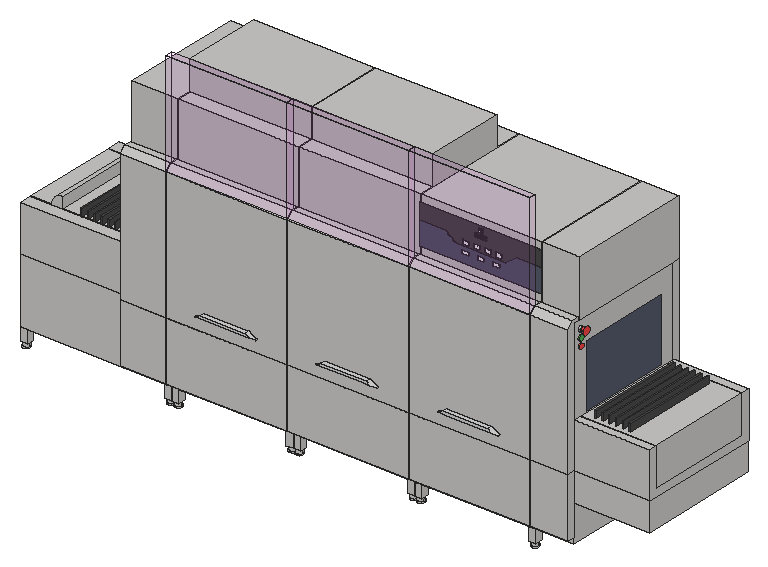
Revit family "QF_ELECTROLUXPROFESSIONAL_520038_EFTD052EL1U1D1M5ER385", category Attrezzature speciali, Revit 2020
Family settings
  Quota connettore circolare = Usa diametro
  Tipo di parte = Normale
  Basato su piano di lavoro = No
  Sempre verticale = Sì
  Taglio con vuoti quando caricato = No
  Condiviso = No
  Punto di calcolo locali = No
Parameters (values of type "Standard")
  Weight = 925.00 kg
  Watts = 42700 W
  Volts = 380 V
  URL Manufacturer = "https://www.electroluxprofessional.com/"
  URL = "https://www.electroluxprofessional.com/"
  Steam Supply Size = 0 mm
  Steam Supply Minimum Pressure = 0.0 Pa
  Steam Supply Maximum Pressure = 0.0 Pa
  Steam Consumption per Hour = 0
  Show Logo [instance] = yes
  Show Clearance [instance] = yes
  Refrigeration Suction Line Size = 0 mm
  Refrigeration Liquid Line Size = 0 mm
  Refrigerant Compressor Remote = yes
  Prospetto di default = 0 mm
  Produttore = "Electrolux Professional"
  Phase = 3
  Modello = "EFTD052EL1U1D1M5ER385"
  Length Actual = 4150 mm  # constant formula
  Item Number = "520038"
  Hot Water Size = 0 mm
  Height Actual = 1983 mm  # constant formula
  HP = "57.3 HP"
  Gas Size = 0 mm
  Gas KW = 0
  Gas Input Pressure = 0 W
  Direct Waste Size = 50.8 mm
  Descrizione = "FT, 1TANK, 5200D/H, EL., 750MM LOADING, 1000MM UNLOADING, 1DRYER, 55MM CONVEYOR,ESD,R>L,380V50HZ3P"
  Depth Actual = 946 mm  # constant formula
  Cycle = 50 Hz
  Condensate Return Size = 0 mm
  Compressed Air Volume = 0.0 L/s
  Compressed Air Size = 0 mm
  Compressed Air Pressure = 0.0 Pa
  Cold Water Size = 0 mm
  Accessory = yes
Reference planes
  plane 1 "Centro (Fronte/Retro)": y = 0
  plane 2: z = 0
  plane 3 "Centro (Sinistra/Destra)": x = 0
  plane 4: z = 115
Forms (mm)
  Extrusion 1, solid, material "QF_Finishes_Stainless Steel"
    sketch origin (2282.404, 2, 1806.023) x (1, 0, 0) y (0, 0, 1)
      loop
        line (407.596, -163.023) -> (407.596, -183.023) -> (427.596, -183.023) -> (427.596, -163.023) -> (407.596, -163.023)
    from 0 to 2
  Extrusion 2, solid, material "QF_Finishes_Stainless Steel"
    sketch origin (-5.617, 22.464, 1290.159) x (0, 0, -1) y (0, 1, 0)
      loop
        circle (1102.159, -772.464) r 25
    from -9.383 to 5.617
  Extrusion 3, solid, material "QF_Finishes_Stainless Steel"
    sketch origin (2942.404, 2, 337.984) x (1, 0, 0) y (0, 0, 1)
      loop
        line (407.596, -163.023) -> (407.596, -183.023) -> (427.596, -183.023) -> (427.596, -163.023) -> (407.596, -163.023)
    from 0 to 2
  Extrusion 4, solid, material "QF_Finishes_Stainless Steel"
    sketch origin (347.841, 200.464, 109.383) x (1, 0, 0) y (0, 1, 0)
      loop
        circle (1102.159, -772.464) r 10
    from -9.383 to 5.617
Dimensions and locks
  plane 4 to level = 115 mm
  aligned and locked: level to plane 2
Nested families
  nested 1: "MODULO_CENTER_800_FAN" at (1383.563, -388.258, 0), Show Clearance <- "Show Clearance", type "MODULO_CENTER_800_FAN"
    with Show Logo yes, Show Clearance yes, R_L no, L_R yes
  nested 2: "MODULO_CENTER_800_FAN" at (2183.563, -388.258, 0), Show Clearance <- "Show Clearance", type "MODULO_CENTER_800_FAN"
    with Show Logo yes, Show Clearance yes, R_L no, L_R yes
  nested 3: "MODULO_CENTER_800" at (2983.563, -388.258, 0), Show Clearance <- "Show Clearance", type "MODULO_CENTER_800"
    with Show Logo yes, Show Clearance yes, R_L no, L_R yes
  nested 4: "MODULO_ENTRY_DISH_750" at (3791.437, -523.742, 0) x (-1, 0, 0) z (0, 0, 1), type "MODULO_ENTRY_DISH_750"
    with Show Logo yes, Show Clearance yes, R_L yes, L_R no
  nested 5: "MODULO_USCITA_DISH_1000" at (641.437, -523.742, 0) x (-1, 0, 0) z (0, 0, 1), type "MODULO_USCITA_DISH_1000"
    with Show Logo yes, Show Clearance yes, R_L no, L_R yes
  nested 6: "Piedino_Square_115H" at (23.5, -838.5, 0), type "Piedino_Square_115H"
  nested 7: "Piedino_Square_115H" at (23.5, -73.5, 0), type "Piedino_Square_115H"
  nested 8: "Piedino_Square_115H" at (976.5, -838.5, 0), type "Piedino_Square_115H"
  nested 9: "Piedino_Square_115H" at (976.5, -73.5, 0), type "Piedino_Square_115H"
  nested 10: "Piedino_Square_115H" at (1023.5, -838.5, 0), type "Piedino_Square_115H"
  nested 11: "Piedino_Square_115H" at (1023.5, -73.5, 0), type "Piedino_Square_115H"
  nested 12: "Piedino_Square_115H" at (1776.5, -838.5, 0), type "Piedino_Square_115H"
  nested 13: "Piedino_Square_115H" at (1776.5, -73.5, 0), type "Piedino_Square_115H"
  nested 14: "Piedino_Square_115H" at (1823.5, -838.5, 0) x (-1, 0, 0) z (0, 0, 1), type "Piedino_Square_115H"
  nested 15: "Piedino_Square_115H" at (1823.5, -73.5, 0) x (-1, 0, 0) z (0, 0, 1), type "Piedino_Square_115H"
  nested 16: "Piedino_Square_115H" at (2576.5, -838.5, 0) x (-1, 0, 0) z (0, 0, 1), type "Piedino_Square_115H"
  nested 17: "Piedino_Square_115H" at (2576.5, -73.5, 0) x (-1, 0, 0) z (0, 0, 1), type "Piedino_Square_115H"
  nested 18: "Piedino_Square_115H" at (2623.5, -838.5, 0), type "Piedino_Square_115H"
  nested 19: "Piedino_Square_115H" at (2623.5, -73.5, 0), type "Piedino_Square_115H"
  nested 20: "Piedino_Square_115H" at (3376.5, -838.5, 0), type "Piedino_Square_115H"
  nested 21: "Piedino_Square_115H" at (3376.5, -73.5, 0), type "Piedino_Square_115H"
  nested 22: "MANIGLIA_FLIGHT_400" at (3000, -912, 639.28) x (1, 0, 0) z (0, -1, 0), type "MANIGLIA_FLIGHT_400"
  nested 23: "MANIGLIA_FLIGHT_400" at (2200, -912, 639.28) x (1, 0, 0) z (0, -1, 0), type "MANIGLIA_FLIGHT_400"
  nested 24: "MANIGLIA_FLIGHT_400" at (1400, -912, 639.28) x (1, 0, 0) z (0, -1, 0), type "MANIGLIA_FLIGHT_400"
  nested 25: "Schermo_Flight_800" at (3000, -815, 1593) x (1, 0, 0) z (0, -1, 0), type "Schermo_Flight_800"
  nested 26: "ELX_LOGO_WORDS_WHITE" at (3000, -816.6, 1683) x (1, 0, 0) z (0, -1, 0), Show Logo <- "Show Logo", visible <- "Show Logo", type "ELX_LOGO_WORDS_WHITE"
    with Show Logo yes
  nested 27: "ELX_LOGO_MONO_SMALL_WHITE" at (2990.08, -816.6, 1669) x (-1, 0, 0) z (0, -1, 0), Show Logo <- "Show Logo", visible <- "Show Logo", type "ELX_LOGO_MONO_SMALL_WHITE"
    with Show Logo yes
Connectors
  electrical at (2700, 2, 1633)
    settings: on Extrusion 1, index 69, voltage 0 V, apparent load 0 VA, apparent load phase1 0 VA, apparent load phase2 0 VA, apparent load phase3 0 VA, power factor 1, load classification "Altro", number of poles 1, system type 30, power factor state 1, is connector primary yes, connector utility no, sub classification motor no, connector description "EI"
  piping at (-15, -750, 188), diameter 50
    settings: on Extrusion 2, index 70, connector inside diameter 609.6 mm, connector length 0 mm, flow factor 0, pipe flow 0.0 L/s, pressure drop 0.0 Pa, fitting loss kfactor 0, connector angle 0.00°, fixture units 0, engagement length 0 mm, angle of deflection 0.00°, flow configuration 0, flow direction 0, fitting loss method 0, system type 29, joint type 0, gender type 0, connector reference index -1, connector utility 0, adjustable connector no, is connector primary yes, connector description "D"
  electrical at (3360, 2, 164.961)
    settings: on Extrusion 3, index 71, voltage 0 V, apparent load 0 VA, apparent load phase1 0 VA, apparent load phase2 0 VA, apparent load phase3 0 VA, power factor 1, load classification "Altro", number of poles 1, system type 30, power factor state 1, is connector primary no, connector utility no, sub classification motor no, connector description "EQ"
  piping at (1450, -572, 100), diameter 19.1
    settings: on Extrusion 4, index 72, connector inside diameter 609.6 mm, connector length 0 mm, flow factor 0, pipe flow 0.0 L/s, pressure drop 0.0 Pa, fitting loss kfactor 0, connector angle 0.00°, fixture units 0, engagement length 0 mm, angle of deflection 0.00°, flow configuration 0, flow direction 0, fitting loss method 0, system type 29, joint type 0, gender type 0, connector reference index -1, connector utility 0, adjustable connector no, is connector primary no, connector description "HWI/CWI"
Definition of nested family "MODULO_CENTER_800_FAN"
  Parameters (values of type "MODULO_CENTER_800_FAN")
    URL = "http://professional.electrolux.com"
    Show Logo [instance] = yes
    R_L [instance] = not(L_R)  # no
    Default Elevation = 0 mm
    Manufacturer = "Electrolux"
    Model = "ESR10E5"
    Length Actual = 800 mm
    Show Clearance [instance] = yes
    L_R [instance] = yes
    Height Actual = 1792 mm
    Description = "SINGLE RINSE RT, 100R/H, ELECTRIC 50HZ"
    Depth Actual = 912 mm
  Reference planes
    plane 1 "Center X": y = -67.742
    plane 2: z = 0
    plane 3 "LEFT": x = -383.563
    plane 4 "RIGHT": x = 416.437
    plane 5 "BACK": y = 388.258
    plane 6 "FEET": z = 115
    plane 7: z = 2092
    plane 8 "TOP": z = 1792
    plane 9 "FRONT": y = -523.742
    plane 10 "Left/Right": x = 16.437
    plane 11 "TopVent": z = 1983
  Forms (mm)
    Extrusion 1, solid
      sketch origin (416.437, 479.936, 4000) x (0, 1, 0) y (0, 0, 1)
        loop
          line (-91.678, -2208) -> (-906.678, -2208) -> (-906.678, -2580) -> (-91.678, -2580) -> (-91.678, -2208)
      from -800 to 0
    Extrusion 2, solid
      sketch origin (-383.563, 437.565, 3910) x (0, 1, 0) y (0, 0, 1)
        loop
          line (-99.307, -2490) -> (-911.307, -2490) -> (-911.307, -3552) -> (-99.307, -3552) -> (-99.307, -2490)
      from 800 to 0
    Extrusion 3, solid
      sketch origin (416.437, 479.936, 4299) x (0, 1, 0) y (0, 0, 1)
        loop
          line (-278.21, -2316) -> (-803.678, -2316) -> (-803.678, -2507) -> (-278.21, -2507) -> (-278.21, -2316)
      from -800 to 0
    Extrusion 4, solid
      sketch origin (16.437, 0, 1.5) x (0, 0, 1) y (0, -1, 0)
        loop
          line (356.5, -338.258) -> (356.5, 473.742) -> (113.5, 473.742) -> (113.5, -338.258) -> (356.5, -338.258)
      from 400 to -400
    Extrusion 5, solid
      sketch origin (16.437, 0, 0) x (0, 0, 1) y (0, -1, 0)
        loop
          line (1420, -338.258) -> (545, -338.258) -> (545, -388.258) -> (1420, -388.258) -> (1420, -338.258)
      from -400 to 400
    Extrusion 6, solid
      sketch origin (16.437, 0, 0) x (0, 0, 1) y (0, -1, 0)
        loop
          line (545, -388.258) -> (545, -338.258) -> (154, -338.258) -> (154, -388.258) -> (545, -388.258)
      from -400 to 400
    Extrusion 7, solid
      sketch origin (16.437, -882.484, -150) x (0, -1, 0) y (0, 0, 1)
        loop
          line (-358.742, 304) -> (-358.742, 695) -> (-408.742, 695) -> (-408.742, 304) -> (-358.742, 304)
      from -400 to 400
    Extrusion 8, solid
      sketch origin (16.437, -882.484, -151) x (0, -1, 0) y (0, 0, 1)
        loop
          line (-408.742, 1571) -> (-408.742, 696) -> (-358.742, 696) -> (-358.742, 1556) -> (-395.742, 1593) -> (-443.742, 1593) -> (-443.742, 1571) -> (-408.742, 1571)
      from -400 to 400
    Extrusion 9, solid, visible <- "Show Clearance"
      sketch origin (16.437, -882.484, 452) x (0, -1, 0) y (0, 0, 1)
        loop
          line (-408.742, 1640) -> (-408.742, 953.624) -> (-358.742, 953.624) -> (-358.742, 1640) -> (-408.742, 1640)
      from -400 to 400
  Dimensions and locks
    plane 3 "LEFT" to plane 4 "RIGHT" = 800 mm
    plane 5 "BACK" to plane 1 "Center X" to plane 9 "FRONT" = 456 mm, 456 mm
    plane 6 "FEET" to level = 115 mm  (x2)
    plane 6 "FEET" to plane 8 "TOP" = 1677 mm
    plane 5 "BACK" to plane 9 "FRONT" = 912 mm  (x2)
    plane 4 "RIGHT" to plane 3 "LEFT" = 800 mm
    plane 9 "FRONT" to plane 5 "BACK" = 912 mm
    level to plane 8 "TOP" = 1792 mm  (x2)
    plane 7 to level = 2092 mm
    plane 11 "TopVent" to plane 2 = 1983 mm
    plane 7 to plane 2 = 2092 mm
    Extrusion 2 to level = 1420 mm
    Extrusion 8 to level = 1442 mm
    plane 11 "TopVent" to level = 1983 mm
    aligned and locked: level to plane 2
Definition of nested family "MODULO_CENTER_800"
  Parameters (values of type "MODULO_CENTER_800")
    URL = "http://professional.electrolux.com"
    Show Logo [instance] = yes
    R_L [instance] = not(L_R)  # no
    Default Elevation = 0 mm
    Manufacturer = "Electrolux"
    Model = "ESR10E5"
    Length Actual = 800 mm
    Show Clearance [instance] = yes
    L_R [instance] = yes
    Height Actual = 1792 mm
    Description = "SINGLE RINSE RT, 100R/H, ELECTRIC 50HZ"
    Depth Actual = 912 mm
  Reference planes
    plane 1 "Center X": y = -67.742
    plane 2: z = 0
    plane 3 "LEFT": x = -383.563
    plane 4 "RIGHT": x = 416.437
    plane 5 "BACK": y = 388.258
    plane 6 "FEET": z = 115
    plane 7: z = 2092
    plane 8 "TOP": z = 1792
    plane 9 "FRONT": y = -523.742
    plane 10 "Left/Right": x = 16.437
  Forms (mm)
    Extrusion 1, solid
      sketch origin (416.437, 479.936, 4000) x (0, 1, 0) y (0, 0, 1)
        loop
          line (-91.678, -2208) -> (-906.678, -2208) -> (-906.678, -2580) -> (-91.678, -2580) -> (-91.678, -2208)
      from -800 to 0
    Extrusion 2, solid
      sketch origin (-383.563, 437.565, 3915) x (0, 1, 0) y (0, 0, 1)
        loop
          line (-99.307, -2495) -> (-911.307, -2495) -> (-911.307, -3557) -> (-99.307, -3557) -> (-99.307, -2495)
      from 800 to 0
    Extrusion 3, solid
      sketch origin (16.437, 0, 1.5) x (0, 0, 1) y (0, -1, 0)
        loop
          line (356.5, -338.258) -> (356.5, 473.742) -> (113.5, 473.742) -> (113.5, -338.258) -> (356.5, -338.258)
      from 400 to -400
    Extrusion 4, solid
      sketch origin (16.437, 0, 0) x (0, 0, 1) y (0, -1, 0)
        loop
          line (1420, -338.258) -> (545, -338.258) -> (545, -388.258) -> (1420, -388.258) -> (1420, -338.258)
      from -400 to 400
    Extrusion 5, solid
      sketch origin (16.437, 0, 0) x (0, 0, 1) y (0, -1, 0)
        loop
          line (545, -388.258) -> (545, -338.258) -> (154, -338.258) -> (154, -388.258) -> (545, -388.258)
      from -400 to 400
    Extrusion 6, solid
      sketch origin (16.437, -882.484, -150) x (0, -1, 0) y (0, 0, 1)
        loop
          line (-358.742, 304) -> (-358.742, 695) -> (-408.742, 695) -> (-408.742, 304) -> (-358.742, 304)
      from -400 to 400
    Extrusion 7, solid
      sketch origin (16.437, -882.484, -151) x (0, -1, 0) y (0, 0, 1)
        loop
          line (-408.742, 1571) -> (-408.742, 696) -> (-358.742, 696) -> (-358.742, 1556) -> (-395.742, 1593) -> (-443.742, 1593) -> (-443.742, 1571) -> (-408.742, 1571)
      from -400 to 400
    Extrusion 8, solid, visible <- "Show Clearance"
      sketch origin (16.437, -882.484, 452) x (0, -1, 0) y (0, 0, 1)
        loop
          line (-408.742, 1640) -> (-408.742, 953.624) -> (-358.742, 953.624) -> (-358.742, 1640) -> (-408.742, 1640)
      from -400 to 400
  Dimensions and locks
    plane 3 "LEFT" to plane 4 "RIGHT" = 800 mm
    plane 5 "BACK" to plane 1 "Center X" to plane 9 "FRONT" = 456 mm, 456 mm
    plane 6 "FEET" to level = 115 mm  (x2)
    plane 6 "FEET" to plane 8 "TOP" = 1677 mm
    plane 5 "BACK" to plane 9 "FRONT" = 912 mm  (x2)
    plane 4 "RIGHT" to plane 3 "LEFT" = 800 mm
    plane 9 "FRONT" to plane 5 "BACK" = 912 mm
    level to plane 8 "TOP" = 1792 mm  (x2)
    plane 7 to level = 2092 mm
    plane 7 to plane 2 = 2092 mm
    Extrusion 2 to level = 1420 mm
    Extrusion 7 to level = 1442 mm
    aligned and locked: level to plane 2
Definition of nested family "MODULO_ENTRY_DISH_750"
  Parameters (values of type "MODULO_ENTRY_DISH_750")
    URL = "http://professional.electrolux.com"
    Show Logo [instance] = yes
    R_L [instance] = not(L_R)  # no
    Default Elevation = 0 mm
    Manufacturer = "Electrolux"
    Model = "ESR10E5"
    Length Actual = 800 mm
    Show Clearance [instance] = yes
    L_R [instance] = yes
    Height Actual = 1792 mm
    Description = "SINGLE RINSE RT, 100R/H, ELECTRIC 50HZ"
    Depth Actual = 912 mm
  Reference planes
    plane 1 "Center (Front/Back)": y = -67.742
    plane 2: z = 0
    plane 3 "LEFT": x = -358.563
    plane 4 "RIGHT": x = 391.437
    plane 5 "BACK": y = 388.258
    plane 6 "FRONT": y = -523.742
    plane 7 "Left/Right": x = 16.437
    plane 8 "BUTTONS": y = -427.742
    plane 9: z = 115
    plane 10 "2": y = 292.258
  Forms (mm)
    Extrusion 1, solid, visible <- "L_R"
      sketch origin (391.437, 479.936, 4000) x (0, 1, 0) y (0, 0, 1)
        loop
          line (-91.678, -2208) -> (-906.678, -2208) -> (-906.678, -2580) -> (-91.678, -2580) -> (-91.678, -2208)
      from -250 to 0
    Extrusion 2, solid
      sketch origin (-358.563, 437.565, 3910) x (0, 1, 0) y (0, 0, 1)
        loop
          line (-99.307, -2490) -> (-911.307, -2490) -> (-911.307, -3552) -> (-99.307, -3552) -> (-99.307, -2490)
      from 750 to 500
    Extrusion 3, solid
      sketch origin (-358.563, 437.565, 3910) x (0, 1, 0) y (0, 0, 1)
        loop
          line (-99.307, -3365) -> (-99.307, -3060) -> (-149.307, -3060) -> (-149.307, -3315) -> (-861.307, -3315) -> (-861.307, -3060) -> (-911.307, -3060) -> (-911.307, -3365) -> (-99.307, -3365)
      from 500 to 0
    Extrusion 4, solid
      sketch origin (16.437, 0, -4.987) x (0, 0, 1) y (0, -1, 0)
        loop
          line (362.987, -338.258) -> (362.987, 473.742) -> (119.987, 473.742) -> (119.987, -338.258) -> (362.987, -338.258)
      from 375 to 125
    Extrusion 5, solid, visible <- "L_R"
      sketch origin (16.437, 0, 0) x (0, 0, 1) y (0, -1, 0)
        loop
          line (1420, -338.258) -> (545, -338.258) -> (545, -388.258) -> (1420, -388.258) -> (1420, -338.258)
      from 125 to 375
    Extrusion 6, solid
      sketch origin (16.437, 0, 0) x (0, 0, 1) y (0, -1, 0)
        loop
          line (545, -388.258) -> (545, -338.258) -> (154, -338.258) -> (154, -388.258) -> (545, -388.258)
      from 125 to 375
    Extrusion 7, solid
      sketch origin (-358.563, 437.565, 3607.258) x (0, 1, 0) y (0, 0, 1)
        loop
          line (-99.307, -3249.258) -> (-99.307, -3062.258) -> (-911.307, -3062.258) -> (-911.307, -3249.258) -> (-99.307, -3249.258)
      from 500 to 0
    Extrusion 8, solid
      sketch origin (-358.563, 437.565, 4000) x (0, 1, 0) y (0, 0, 1)
        loop
          line (-149.307, -3150) -> (-861.307, -3150) -> (-861.307, -3405) -> (-149.307, -3405) -> (-149.307, -3150)
      from 0 to 500
    Extrusion 9, solid
      sketch origin (266.437, -882.484, -150) x (0, -1, 0) y (0, 0, 1)
        loop
          line (-358.742, 304) -> (-358.742, 695) -> (-408.742, 695) -> (-408.742, 304) -> (-358.742, 304)
      from -125 to 125
    Extrusion 10, solid, visible <- "L_R"
      sketch origin (266.437, -882.484, -151) x (0, -1, 0) y (0, 0, 1)
        loop
          line (-408.742, 1571) -> (-408.742, 696) -> (-358.742, 696) -> (-358.742, 1556) -> (-395.742, 1593) -> (-443.742, 1593) -> (-443.742, 1571) -> (-408.742, 1571)
      from -125 to 125
    Extrusion 11, solid
      sketch origin (-358.563, 437.565, 4000) x (0, 1, 0) y (0, 0, 1)
        loop
          line (-199.307, -2725.701) -> (-811.307, -2725.701) -> (-811.307, -3137.701) -> (-199.307, -3137.701) -> (-199.307, -2725.701)
      from 495.458 to 500
    Extrusion 12, solid, visible <- "R_L"
      sketch origin (266.437, 747, -151) x (0, 1, 0) y (0, 0, -1)
        loop
          line (-408.742, -1571) -> (-443.742, -1571) -> (-443.742, -1593) -> (-395.742, -1593) -> (-358.742, -1556) -> (-358.742, -696) -> (-408.742, -696) -> (-408.742, -1571)
      from -125 to 125
    Extrusion 13, solid, visible <- "R_L"
      sketch origin (16.437, -135.484, 0) x (0, 0, 1) y (0, -1, 0)
        loop
          line (1420, 338.258) -> (1420, 388.258) -> (545, 388.258) -> (545, 338.258) -> (1420, 338.258)
      from 125 to 375
    Extrusion 14, solid, visible <- "R_L"
      sketch origin (391.437, -615.42, 4000) x (0, -1, 0) y (0, 0, -1)
        loop
          line (-91.678, 2208) -> (-91.678, 2580) -> (-906.678, 2580) -> (-906.678, 2208) -> (-91.678, 2208)
      from -250 to 0
    Extrusion 15, solid
      sketch origin (-191.477, -192.742, -3) x (-1, 0, 0) y (0, 0, 1)
        loop
          line (-26.676, 853) -> (-26.676, 898) -> (-36.676, 898) -> (-36.676, 853) -> (-26.676, 853)
      from -196 to 446
    Extrusion 16, solid
      sketch origin (-146.477, -192.742, -3) x (-1, 0, 0) y (0, 0, 1)
        loop
          line (-26.676, 853) -> (-26.676, 898) -> (-36.676, 898) -> (-36.676, 853) -> (-26.676, 853)
      from -196 to 446
    Extrusion 17, solid
      sketch origin (-101.477, -192.742, -3) x (-1, 0, 0) y (0, 0, 1)
        loop
          line (-26.676, 853) -> (-26.676, 898) -> (-36.676, 898) -> (-36.676, 853) -> (-26.676, 853)
      from -196 to 446
    Extrusion 18, solid
      sketch origin (-56.477, -192.742, -3) x (-1, 0, 0) y (0, 0, 1)
        loop
          line (-26.676, 853) -> (-26.676, 898) -> (-36.676, 898) -> (-36.676, 853) -> (-26.676, 853)
      from -196 to 446
    Extrusion 19, solid
      sketch origin (-11.477, -192.742, -3) x (-1, 0, 0) y (0, 0, 1)
        loop
          line (-26.676, 853) -> (-26.676, 898) -> (-36.676, 898) -> (-36.676, 853) -> (-26.676, 853)
      from -196 to 446
    Extrusion 20, solid
      sketch origin (33.523, -192.742, -3) x (-1, 0, 0) y (0, 0, 1)
        loop
          line (-26.676, 853) -> (-26.676, 898) -> (-36.676, 898) -> (-36.676, 853) -> (-26.676, 853)
      from -196 to 446
  Dimensions and locks
    plane 3 "LEFT" to plane 4 "RIGHT" = 750 mm
    plane 5 "BACK" to plane 1 "Center (Front/Back)" to plane 6 "FRONT" = 456 mm, 456 mm
    plane 5 "BACK" to plane 6 "FRONT" = 912 mm  (x2)
    plane 4 "RIGHT" to plane 3 "LEFT" = 750 mm  (x2)
    plane 6 "FRONT" to plane 5 "BACK" = 912 mm
    plane 9 to level = 115 mm
    Extrusion 1 to level = 1792 mm
    Extrusion 3 to level = 850 mm
    aligned and locked: level to plane 2
  Nested families
    nested 1: "BOTTONE_RED_STOP" at (141.437, -427.742, 1266.906) x (0, -1, 0) z (-1, 0, 0), visible <- "L_R", type "BOTTONE_RED_STOP"
    nested 2: "BOTTONE_EMERGENCY_STOP" at (141.437, -427.742, 1370) x (0, -1, 0) z (-1, 0, 0), visible <- "L_R", type "BOTTONE_EMERGENCY_STOP"
    nested 3: "BOTTONE_GREEN_START" at (141.437, -427.742, 1316.906) x (0, -1, 0) z (-1, 0, 0), visible <- "L_R", type "BOTTONE_GREEN_START"
    nested 4: "BOTTONE_RED_STOP" at (141.437, 292.258, 1267.906) x (0, 1, 0) z (-1, 0, 0), visible <- "R_L", type "BOTTONE_RED_STOP"
    nested 5: "BOTTONE_EMERGENCY_STOP" at (141.437, 292.258, 1371) x (0, 1, 0) z (-1, 0, 0), visible <- "R_L", type "BOTTONE_EMERGENCY_STOP"
    nested 6: "BOTTONE_GREEN_START" at (141.437, 292.258, 1317.906) x (0, 1, 0) z (-1, 0, 0), visible <- "R_L", type "BOTTONE_GREEN_START"
  Definition of nested family "BOTTONE_RED_STOP"
    Parameters (values of type "BOTTONE_RED_STOP")
      Default Elevation = 1219.2 mm
    Reference planes
      plane 1 "Centro (Fronte/Retro)": y = 0
      plane 2: z = 0
      plane 3 "Centro (Sinistra/Destra)": x = 0
    Forms (mm)
      Extrusion 1, solid
        sketch origin (0, 0, 0) x (1, 0, 0) y (0, 1, 0)
          loop
            line (-1219.2, 1219.2) -> (-1219.2, -1219.2) -> (1219.2, -1219.2) -> (1219.2, 1219.2) -> (-1219.2, 1219.2)
        from 0 to -304.8
      Extrusion 2, solid
        sketch origin (-367.513, 69.533, 15) x (-1, 0, 0) y (0, 1, 0)
          loop
            circle (-367.513, -69.533) r 15
        from 0 to 15
    Dimensions and locks
      aligned and locked: plane 2 to Extrusion 1
      aligned and locked: level to Extrusion 1
  Definition of nested family "BOTTONE_EMERGENCY_STOP"
    Parameters
      Default Elevation = 1219.2 mm
    Reference planes
      plane 1 "Centro (Fronte/Retro)": y = 0
      plane 2: z = 0
      plane 3 "Centro (Sinistra/Destra)": x = 0
    Forms (mm)
      Extrusion 1, solid
        sketch origin (0, 0, 0) x (1, 0, 0) y (0, 1, 0)
          loop
            line (-1219.2, 1219.2) -> (-1219.2, -1219.2) -> (1219.2, -1219.2) -> (1219.2, 1219.2) -> (-1219.2, 1219.2)
        from 0 to -304.8
      Extrusion 2, solid
        sketch origin (0, 0, 0) x (1, 0, 0) y (0, 1, 0)
          loop
            circle (0, 0) r 15
        from 0 to 20.273
      Blend 3, solid
        base sketch origin (-49.801, 0, 0) x (1, 0, 0) y (0, 1, 0)
          loop
            circle (49.801, 0) r 15
        top sketch origin (-49.801, 0, 0) x (1, 0, 0) y (0, 1, 0)
          loop
            circle (49.801, 0) r 25
        from 20.273 to 47.605
    Dimensions and locks
      aligned and locked: plane 2 to Extrusion 1
      aligned and locked: level to Extrusion 1
  Definition of nested family "BOTTONE_GREEN_START"
    Parameters (values of type "BOTTONE_GREEN_START")
      Default Elevation = 1219.2 mm
    Reference planes
      plane 1 "Centro (Fronte/Retro)": y = 0
      plane 2: z = 0
      plane 3 "Centro (Sinistra/Destra)": x = 0
    Forms (mm)
      Extrusion 1, solid
        sketch origin (0, 0, 0) x (1, 0, 0) y (0, 1, 0)
          loop
            line (-1219.2, 1219.2) -> (-1219.2, -1219.2) -> (1219.2, -1219.2) -> (1219.2, 1219.2) -> (-1219.2, 1219.2)
        from 0 to -304.8
      Extrusion 2, solid
        sketch origin (-367.513, 69.533, 15) x (-1, 0, 0) y (0, 1, 0)
          loop
            circle (-367.513, -69.533) r 15
        from 0 to 15
    Dimensions and locks
      aligned and locked: plane 2 to Extrusion 1
      aligned and locked: level to Extrusion 1
Definition of nested family "MODULO_USCITA_DISH_1000"
  Parameters (values of type "MODULO_USCITA_DISH_1000")
    URL = "http://professional.electrolux.com"
    Show Logo [instance] = yes
    R_L [instance] = not(L_R)  # yes
    Default Elevation = 0 mm
    Manufacturer = "Electrolux"
    Model = "ESR10E5"
    Length Actual = 800 mm
    Show Clearance [instance] = yes
    L_R [instance] = no
    Height Actual = 1792 mm
    Description = "SINGLE RINSE RT, 100R/H, ELECTRIC 50HZ"
    Depth Actual = 912 mm
  Reference planes
    plane 1 "Center (Front/Back)": y = -67.742
    plane 2: z = 0
    plane 3 "LEFT": x = -358.563
    plane 4 "BACK": y = 388.258
    plane 5 "FEET": z = 115
    plane 6 "TOP": z = 1792
    plane 7 "FRONT": y = -523.742
    plane 8 "Left/Right": x = 16.437
    plane 9: x = -358.563
    plane 10: y = -427.742
    plane 11 "RIGHT": x = 641.437
  Forms (mm)
    Extrusion 1, solid, visible <- "R_L"
      sketch origin (-358.563, 479.936, 4003) x (0, 1, 0) y (0, 0, -1)
        loop
          line (-91.678, 2211) -> (-91.678, 2583) -> (-906.678, 2583) -> (-906.678, 2211) -> (-91.678, 2211)
      from -300 to 0
    Extrusion 2, solid
      sketch origin (-358.563, 437.565, 4003) x (0, 1, 0) y (0, 0, 1)
        loop
          line (-99.307, -3458) -> (-911.307, -3458) -> (-911.307, -3888) -> (-99.307, -3888) -> (-99.307, -3458)
      from 300 to 0
    Extrusion 3, solid
      sketch origin (-358.563, 479.936, 4003) x (0, 1, 0) y (0, 0, -1)
        loop
          line (-141.678, 2583) -> (-141.678, 3458) -> (-953.678, 3458) -> (-953.678, 2583) -> (-141.678, 2583)
      from -300 to 0
    Extrusion 4, solid
      sketch origin (391.437, 437.565, 3913) x (0, 1, 0) y (0, 0, -1)
        loop
          line (-99.307, 3368) -> (-911.307, 3368) -> (-911.307, 3063) -> (-826.307, 3063) -> (-826.307, 3318) -> (-184.307, 3318) -> (-184.307, 3063) -> (-99.307, 3063) -> (-99.307, 3368)
      from 450 to -250
    Extrusion 5, solid, visible <- "R_L"
      sketch origin (16.437, 0, 3) x (0, 0, 1) y (0, 1, 0)
        loop
          line (1417, 338.258) -> (1417, 388.258) -> (542, 388.258) -> (542, 338.258) -> (1417, 338.258)
      from 75 to 375
    Extrusion 6, solid
      sketch origin (16.437, 0, 3) x (0, 0, 1) y (0, 1, 0)
        loop
          line (542, 388.258) -> (151, 388.258) -> (151, 338.258) -> (542, 338.258) -> (542, 388.258)
      from 75 to 375
    Extrusion 7, solid
      sketch origin (391.437, 437.565, 3610.258) x (0, 1, 0) y (0, 0, -1)
        loop
          line (-99.307, 3495.258) -> (-911.307, 3495.258) -> (-911.307, 3065.258) -> (-99.307, 3065.258) -> (-99.307, 3495.258)
      from 450 to -250
    Extrusion 8, solid
      sketch origin (641.437, 0, 3) x (0, 1, 0) y (0, 0, 1)
        loop
          line (253.258, 847) -> (-388.742, 847) -> (-388.742, 592) -> (253.258, 592) -> (253.258, 847)
      from 0 to -700
    Extrusion 9, solid
      sketch origin (-358.563, 437.565, 3928) x (0, 1, 0) y (0, 0, 1)
        loop
          line (-811.307, -3065.701) -> (-199.307, -3065.701) -> (-199.307, -2653.701) -> (-811.307, -2653.701) -> (-811.307, -3065.701)
      from 300 to 304.77
    Extrusion 10, solid
      sketch origin (-208.563, -115, -147) x (0, 1, 0) y (0, 0, 1)
        loop
          line (-358.742, 301) -> (-358.742, 692) -> (-408.742, 692) -> (-408.742, 301) -> (-358.742, 301)
      from -150 to 150
    Extrusion 11, solid, visible <- "R_L"
      sketch origin (-208.563, -882.484, -151) x (0, -1, 0) y (0, 0, 1)
        loop
          line (-408.742, 1571) -> (-408.742, 696) -> (-358.742, 696) -> (-358.742, 1556) -> (-395.742, 1593) -> (-443.742, 1593) -> (-443.742, 1571) -> (-408.742, 1571)
      from -150 to 150
    Extrusion 12, solid
      sketch origin (-39.574, -192.742, -3) x (-1, 0, 0) y (0, 0, 1)
        loop
          line (-26.676, 853) -> (-26.676, 898) -> (-36.676, 898) -> (-36.676, 853) -> (-26.676, 853)
      from -196 to 446
    Extrusion 13, solid
      sketch origin (5.426, -192.742, -3) x (-1, 0, 0) y (0, 0, 1)
        loop
          line (-26.676, 853) -> (-26.676, 898) -> (-36.676, 898) -> (-36.676, 853) -> (-26.676, 853)
      from -196 to 446
    Extrusion 14, solid
      sketch origin (50.426, -192.742, -3) x (-1, 0, 0) y (0, 0, 1)
        loop
          line (-26.676, 853) -> (-26.676, 898) -> (-36.676, 898) -> (-36.676, 853) -> (-26.676, 853)
      from -196 to 446
    Extrusion 15, solid
      sketch origin (95.426, -192.742, -3) x (-1, 0, 0) y (0, 0, 1)
        loop
          line (-26.676, 853) -> (-26.676, 898) -> (-36.676, 898) -> (-36.676, 853) -> (-26.676, 853)
      from -196 to 446
    Extrusion 16, solid
      sketch origin (140.426, -192.742, -3) x (-1, 0, 0) y (0, 0, 1)
        loop
          line (-26.676, 853) -> (-26.676, 898) -> (-36.676, 898) -> (-36.676, 853) -> (-26.676, 853)
      from -196 to 446
    Extrusion 17, solid
      sketch origin (185.426, -192.742, -3) x (-1, 0, 0) y (0, 0, 1)
        loop
          line (-26.676, 853) -> (-26.676, 898) -> (-36.676, 898) -> (-36.676, 853) -> (-26.676, 853)
      from -196 to 446
    Extrusion 18, solid
      sketch origin (230.426, -192.742, -3) x (-1, 0, 0) y (0, 0, 1)
        loop
          line (-26.676, 853) -> (-26.676, 898) -> (-36.676, 898) -> (-36.676, 853) -> (-26.676, 853)
      from -196 to 446
    Extrusion 19, solid
      sketch origin (275.426, -192.742, -3) x (-1, 0, 0) y (0, 0, 1)
        loop
          line (-26.676, 853) -> (-26.676, 898) -> (-36.676, 898) -> (-36.676, 853) -> (-26.676, 853)
      from -196 to 446
    Revolve 20, solid
      sketch origin (0, 0, 850) x (1, 0, 0) y (0, 1, 0)
        loop
          line (430.204, 253.258) -> (430.204, -388.742) -> (502.335, -388.742) -> (502.335, 253.258) -> (430.204, 253.258)
        axis (430.204, 253.258) -> (430.204, -388.742)
      angle from 0 to -90
    Extrusion 21, solid, visible <- "L_R"
      sketch origin (-208.563, 747, -151) x (0, 1, 0) y (0, 0, -1)
        loop
          line (-408.742, -1571) -> (-443.742, -1571) -> (-443.742, -1593) -> (-395.742, -1593) -> (-358.742, -1556) -> (-358.742, -696) -> (-408.742, -696) -> (-408.742, -1571)
      from -150 to 150
    Extrusion 22, solid, visible <- "L_R"
      sketch origin (16.437, -135.484, 3) x (0, 0, 1) y (0, 1, 0)
        loop
          line (1417, -338.258) -> (542, -338.258) -> (542, -388.258) -> (1417, -388.258) -> (1417, -338.258)
      from 75 to 375
    Extrusion 23, solid, visible <- "L_R"
      sketch origin (-358.563, -615.42, 4003) x (0, -1, 0) y (0, 0, 1)
        loop
          line (-91.678, -2211) -> (-906.678, -2211) -> (-906.678, -2583) -> (-91.678, -2583) -> (-91.678, -2211)
      from -300 to 0
  Dimensions and locks
    plane 4 "BACK" to plane 1 "Center (Front/Back)" to plane 7 "FRONT" = 456 mm, 456 mm
    plane 5 "FEET" to level = 115 mm  (x2)
    plane 4 "BACK" to plane 7 "FRONT" = 912 mm  (x2)
    plane 7 "FRONT" to plane 4 "BACK" = 912 mm
    level to plane 6 "TOP" = 1792 mm
    plane 3 "LEFT" to plane 8 "Left/Right" = 375 mm
    plane 8 "Left/Right" to plane 11 "RIGHT" = 625 mm
    plane 3 "LEFT" to plane 11 "RIGHT" = 1000 mm
    plane 9 to plane 11 "RIGHT" = 1000 mm
    plane 6 "TOP" to level = 1792 mm
    aligned and locked: level to plane 2
  Nested families
    nested 1: "BOTTONE_EMERGENCY_STOP" at (-58.563, -427.742, 1369) x (0, -1, 0) z (1, 0, 0), visible <- "R_L", type "BOTTONE_EMERGENCY_STOP"
    nested 2: "BOTTONE_GREEN_START" at (-58.563, -427.742, 1315.906) x (0, -1, 0) z (1, 0, 0), visible <- "R_L", type "BOTTONE_GREEN_START"
    nested 3: "BOTTONE_RED_STOP" at (-58.563, -427.742, 1265.906) x (0, -1, 0) z (1, 0, 0), visible <- "R_L", type "BOTTONE_RED_STOP"
    nested 4: "BOTTONE_EMERGENCY_STOP" at (-58.563, 292.258, 1369) x (0, 1, 0) z (1, 0, 0), visible <- "L_R", type "BOTTONE_EMERGENCY_STOP"
    nested 5: "BOTTONE_GREEN_START" at (-58.563, 292.258, 1315.906) x (0, 1, 0) z (1, 0, 0), visible <- "L_R", type "BOTTONE_GREEN_START"
    nested 6: "BOTTONE_RED_STOP" at (-58.563, 292.258, 1265.906) x (0, 1, 0) z (1, 0, 0), visible <- "L_R", type "BOTTONE_RED_STOP"
  Definition of nested family "BOTTONE_EMERGENCY_STOP"
    Parameters
      Default Elevation = 1219.2 mm
    Reference planes
      plane 1 "Centro (Fronte/Retro)": y = 0
      plane 2: z = 0
      plane 3 "Centro (Sinistra/Destra)": x = 0
    Forms (mm)
      Extrusion 1, solid
        sketch origin (0, 0, 0) x (1, 0, 0) y (0, 1, 0)
          loop
            line (-1219.2, 1219.2) -> (-1219.2, -1219.2) -> (1219.2, -1219.2) -> (1219.2, 1219.2) -> (-1219.2, 1219.2)
        from 0 to -304.8
      Extrusion 2, solid
        sketch origin (0, 0, 0) x (1, 0, 0) y (0, 1, 0)
          loop
            circle (0, 0) r 15
        from 0 to 20.273
      Blend 3, solid
        base sketch origin (-49.801, 0, 0) x (1, 0, 0) y (0, 1, 0)
          loop
            circle (49.801, 0) r 15
        top sketch origin (-49.801, 0, 0) x (1, 0, 0) y (0, 1, 0)
          loop
            circle (49.801, 0) r 25
        from 20.273 to 47.605
    Dimensions and locks
      aligned and locked: plane 2 to Extrusion 1
      aligned and locked: level to Extrusion 1
  Definition of nested family "BOTTONE_GREEN_START"
    Parameters (values of type "BOTTONE_GREEN_START")
      Default Elevation = 1219.2 mm
    Reference planes
      plane 1 "Centro (Fronte/Retro)": y = 0
      plane 2: z = 0
      plane 3 "Centro (Sinistra/Destra)": x = 0
    Forms (mm)
      Extrusion 1, solid
        sketch origin (0, 0, 0) x (1, 0, 0) y (0, 1, 0)
          loop
            line (-1219.2, 1219.2) -> (-1219.2, -1219.2) -> (1219.2, -1219.2) -> (1219.2, 1219.2) -> (-1219.2, 1219.2)
        from 0 to -304.8
      Extrusion 2, solid
        sketch origin (-367.513, 69.533, 15) x (-1, 0, 0) y (0, 1, 0)
          loop
            circle (-367.513, -69.533) r 15
        from 0 to 15
    Dimensions and locks
      aligned and locked: plane 2 to Extrusion 1
      aligned and locked: level to Extrusion 1
  Definition of nested family "BOTTONE_RED_STOP"
    Parameters (values of type "BOTTONE_RED_STOP")
      Default Elevation = 1219.2 mm
    Reference planes
      plane 1 "Centro (Fronte/Retro)": y = 0
      plane 2: z = 0
      plane 3 "Centro (Sinistra/Destra)": x = 0
    Forms (mm)
      Extrusion 1, solid
        sketch origin (0, 0, 0) x (1, 0, 0) y (0, 1, 0)
          loop
            line (-1219.2, 1219.2) -> (-1219.2, -1219.2) -> (1219.2, -1219.2) -> (1219.2, 1219.2) -> (-1219.2, 1219.2)
        from 0 to -304.8
      Extrusion 2, solid
        sketch origin (-367.513, 69.533, 15) x (-1, 0, 0) y (0, 1, 0)
          loop
            circle (-367.513, -69.533) r 15
        from 0 to 15
    Dimensions and locks
      aligned and locked: plane 2 to Extrusion 1
      aligned and locked: level to Extrusion 1
Definition of nested family "Piedino_Square_115H"
  Parameters (values of type "Piedino_Square_115H")
    Default Elevation = 0 mm
  Reference planes
    plane 1 "Centro (Fronte/Retro)": y = 0
    plane 2: z = 0
    plane 3 "Centro (Sinistra/Destra)": x = 0
    plane 4: z = 115
  Forms (mm)
    Extrusion 1, solid
      sketch origin (0, 0, 0) x (1, 0, 0) y (0, 1, 0)
        loop
          circle (0, 0) r 23
      from 0 to 5
    Extrusion 2, solid
      sketch origin (0, 0, 5) x (1, 0, 0) y (0, 1, 0)
        loop
          circle (0, 0) r 20
      from 0 to 25.777
    Extrusion 3, solid
      sketch origin (0, 0, 30.777) x (1, 0, 0) y (0, 1, 0)
        loop
          line (-23.5, 23.5) -> (-23.5, -23.5) -> (23.5, -23.5) -> (23.5, 23.5) -> (-23.5, 23.5)
      from 0 to 84.223
  Dimensions and locks
    plane 4 to level = 115 mm  (x2)
    radius of Extrusion 1 sketch curve = 23 mm
    aligned and locked: level to plane 2
    aligned and locked: Extrusion 1 to level
Definition of nested family "MANIGLIA_FLIGHT_400"
  Parameters
    Default Elevation = 1219.2 mm
  Reference planes
    plane 1 "Centro (Fronte/Retro)": y = 0
    plane 2: z = 0
    plane 3 "Centro (Sinistra/Destra)": x = 0
  Forms (mm)
    Extrusion 1, solid
      sketch origin (0, 0, 0) x (1, 0, 0) y (0, 1, 0)
        loop
          line (-1219.2, 1219.2) -> (-1219.2, -1219.2) -> (1219.2, -1219.2) -> (1219.2, 1219.2) -> (-1219.2, 1219.2)
      from 0 to -304.8
    Extrusion 2, solid
      sketch origin (-503, 656.113, -50) x (-1, 0, 0) y (0, 1, 0)
        loop
          line (-651.038, -638.613) -> (-703, -668.613) -> (-703, -673.613) -> (-658.503, -673.613) -> (-623.862, -653.613) -> (-382.138, -653.613) -> (-347.497, -673.613) -> (-303, -673.613) -> (-303, -668.613) -> (-354.962, -638.613) -> (-651.038, -638.613)
      from -86.258 to -50
    Extrusion 3, void
      sketch origin (0, -681.887, 358.742) x (0, 0, 1) y (0, 1, 0)
        loop
          line (-322.484, 684.387) -> (-353.281, 664.387) -> (-322.484, 664.387) -> (-322.484, 684.387)
      from -200 to 200
  Cuts and joins
    Extrusion 3 cuts Extrusion 2
  Dimensions and locks
    cut or joined group of Extrusion 2, Extrusion 3 to cut or joined group of Extrusion 2, Extrusion 3 = 400 mm
    cut or joined group of Extrusion 2, Extrusion 3 to cut or joined group of Extrusion 2, Extrusion 3 = 35 mm
    aligned and locked: plane 2 to Extrusion 1
    aligned and locked: level to Extrusion 1
Definition of nested family "Schermo_Flight_800"
  Parameters (values of type "Schermo_Flight_800")
    Default Elevation = 1219.2 mm
  Reference planes
    plane 1 "Center (Front/Back)": y = 0
    plane 2: z = 0
    plane 3 "Center (Left/Right)": x = 0
  Forms (mm)
    Extrusion 1, solid
      sketch origin (0, 0, 0) x (1, 0, 0) y (0, 1, 0)
        loop
          line (-1219.2, 1219.2) -> (-1219.2, -1219.2) -> (1219.2, -1219.2) -> (1219.2, 1219.2) -> (-1219.2, 1219.2)
      from 0 to -304.8
    Extrusion 2, solid
      sketch origin (0, -25, 0) x (1, 0, 0) y (0, 1, 0)
        loop
          line (-400, -82.94) -> (400, -82.94) -> (400, 70.507) -> (238.561, 70.507) -> (167.154, 20.507) -> (-167.154, 20.507) -> (-238.561, 70.507) -> (-400, 70.507) -> (-400, -82.94)
        loop
          line (-126.915, -7.668) -> (-126.915, -27.668) -> (-81.915, -27.668) -> (-81.915, -7.668) -> (-126.915, -7.668)
        loop
          line (-22.5, -7.668) -> (-22.5, -27.668) -> (22.5, -27.668) -> (22.5, -7.668) -> (-22.5, -7.668)
        loop
          line (126.915, -7.668) -> (81.915, -7.668) -> (81.915, -27.668) -> (126.915, -27.668) -> (126.915, -7.668)
      from 0 to 1.6
    Extrusion 3, solid
      sketch origin (0, -25, 0) x (1, 0, 0) y (0, 1, 0)
        loop
          line (-400, 177.06) -> (-400, 70.507) -> (-238.561, 70.507) -> (-167.154, 20.507) -> (167.154, 20.507) -> (238.561, 70.507) -> (400, 70.507) -> (400, 177.06) -> (-400, 177.06)
        loop
          line (-117.417, 56.68) -> (-117.417, 31.68) -> (-77.417, 31.68) -> (-77.417, 56.68) -> (-117.417, 56.68)
        loop
          line (-47.417, 56.68) -> (-47.417, 31.68) -> (-7.417, 31.68) -> (-7.417, 56.68) -> (-47.417, 56.68)
        loop
          line (27.583, 56.68) -> (27.583, 31.68) -> (67.583, 31.68) -> (67.583, 56.68) -> (27.583, 56.68)
        loop
          line (97.583, 56.68) -> (97.583, 31.68) -> (137.583, 31.68) -> (137.583, 56.68) -> (97.583, 56.68)
      from 0 to 1.6
    Extrusion 4, solid
      sketch origin (0, 0, 0) x (1, 0, 0) y (0, 1, 0)
        loop
          line (-117.417, 31.68) -> (-117.417, 6.68) -> (-77.417, 6.68) -> (-77.417, 31.68) -> (-117.417, 31.68)
        loop
          line (-47.417, 31.68) -> (-47.417, 6.68) -> (-7.417, 6.68) -> (-7.417, 31.68) -> (-47.417, 31.68)
        loop
          line (27.583, 31.68) -> (27.583, 6.68) -> (67.583, 6.68) -> (67.583, 31.68) -> (27.583, 31.68)
        loop
          line (97.583, 31.68) -> (97.583, 6.68) -> (137.583, 6.68) -> (137.583, 31.68) -> (97.583, 31.68)
        loop
          line (-126.915, -32.668) -> (-126.915, -52.668) -> (-81.915, -52.668) -> (-81.915, -32.668) -> (-126.915, -32.668)
        loop
          line (-22.5, -32.668) -> (-22.5, -52.668) -> (22.5, -52.668) -> (22.5, -32.668) -> (-22.5, -32.668)
        loop
          line (81.915, -32.668) -> (81.915, -52.668) -> (126.915, -52.668) -> (126.915, -32.668) -> (81.915, -32.668)
      from 0 to 1.6
  Dimensions and locks
    Extrusion 3 to Extrusion 3 = 800 mm
    Extrusion 2 to Extrusion 3 = 260 mm
    aligned and locked: plane 2 to Extrusion 1
    aligned and locked: level to Extrusion 1
Definition of nested family "ELX_LOGO_WORDS_WHITE"
  Parameters (values of type "ELX_LOGO_WORDS_WHITE")
    Show Logo [instance] = yes
    Default Elevation = 0 mm
  Reference planes
    plane 1 "Centro (Fronte/Retro)": y = 0
    plane 2: z = 0
    plane 3 "Centro (Sinistra/Destra)": x = 0
  Forms (mm)
    Extrusion 1, solid
      sketch origin (0, 0, 0) x (1, 0, 0) y (0, 1, 0)
        loop
          line (-1219.2, 1219.2) -> (-1219.2, -1219.2) -> (1219.2, -1219.2) -> (1219.2, 1219.2) -> (-1219.2, 1219.2)
      from 0 to -304.8
    Extrusion 2, solid, visible <- "Show Logo"
      sketch origin (0, 0, 0) x (1, 0, 0) y (0, 1, 0)
        loop
          line (-30.234, 10.561) -> (-37.67, 10.561) -> (-37.67, 1.902)
          arc (-37.67, 1.902) -> (-36.691, -0.461) -> (-34.329, -1.439) r 3.341
          line (-34.329, -1.439) -> (-30.09, -1.439) -> (-30.09, 0.503) -> (-33.845, 0.503)
          arc (-33.845, 0.503) -> (-35.079, 0.92) -> (-35.604, 2.112) r 1.615
          line (-35.604, 2.112) -> (-35.604, 3.829) -> (-30.555, 3.829) -> (-30.555, 5.779) -> (-35.604, 5.779) -> (-35.604, 8.617) -> (-30.234, 8.617) -> (-30.234, 10.561)
        loop
          line (-28.622, 10.561) -> (-28.622, -1.439) -> (-26.555, -1.439) -> (-26.555, 10.561) -> (-28.622, 10.561)
        loop
          line (16.27, 10.561) -> (16.27, -1.439) -> (18.338, -1.439) -> (18.338, 10.561) -> (16.27, 10.561)
        loop
          line (-23.137, 2.393) -> (-16.354, 2.393)
          arc (-16.354, 2.393) -> (-17.415, 6.119) -> (-21.043, 7.478) r 4.298
          arc (-21.043, 7.478) -> (-24.239, 5.857) -> (-25.151, 2.393) r 4.373
          arc (-25.151, 2.393) -> (-23.951, -0.505) -> (-21.053, -1.705) r 4.097
          arc (-21.053, -1.705) -> (-18.799, -1.372) -> (-16.908, -0.099) r 5.15
          line (-16.908, -0.099) -> (-18.133, 1.125)
          arc (-18.133, 1.125) -> (-19.74, 0.161) -> (-21.607, 0.323) r 3.039
          arc (-21.607, 0.323) -> (-22.746, 1.081) -> (-23.137, 2.393) r 2.013
        loop
          line (-23.085, 3.846) -> (-18.431, 3.846)
          arc (-18.431, 3.846) -> (-19.084, 5.22) -> (-20.519, 5.727) r 1.983
          arc (-20.519, 5.727) -> (-22.175, 5.295) -> (-23.085, 3.846) r 2.321
        loop
          line (-8.297, 4.711) -> (-6.999, 6.009)
          arc (-6.999, 6.009) -> (-8.627, 7.187) -> (-10.604, 7.539) r 4.497
          arc (-10.604, 7.539) -> (-13.621, 6.437) -> (-15.204, 3.642) r 4.652
          arc (-15.204, 3.642) -> (-12.536, -1.257) -> (-7.072, -0.127) r 4.684
          line (-7.072, -0.127) -> (-8.363, 1.163)
          arc (-8.363, 1.163) -> (-11.149, 0.242) -> (-13.145, 2.393) r 2.714
          arc (-13.145, 2.393) -> (-13.006, 4.094) -> (-11.835, 5.335) r 2.578
          arc (-11.835, 5.335) -> (-9.96, 5.621) -> (-8.297, 4.711) r 2.961
        loop
          line (-5.73, 10.561) -> (-5.73, 2.36)
          arc (-5.73, 2.36) -> (-5.551, 1.13) -> (-5.09, -0.025) r 5.301
          arc (-5.09, -0.025) -> (-3.615, -1.198) -> (-1.746, -1.445) r 3.531
          line (-1.746, -1.445) -> (-1.746, 0.492)
          arc (-1.746, 0.492) -> (-2.302, 0.534) -> (-2.82, 0.74) r 1.862
          arc (-2.82, 0.74) -> (-3.484, 1.442) -> (-3.662, 2.393) r 1.713
          line (-3.662, 2.393) -> (-3.662, 5.362) -> (-1.785, 5.362) -> (-1.785, 7.24) -> (-3.662, 7.24) -> (-3.662, 10.561) -> (-5.73, 10.561)
        loop
          arc (2.004, 3.123) -> (2.152, 3.988) -> (2.578, 4.755) r 2.607
          arc (2.578, 4.755) -> (3.817, 5.391) -> (5.208, 5.362) r 2.84
          line (5.208, 5.362) -> (5.208, 7.349)
          arc (5.208, 7.349) -> (3.39, 7.177) -> (2.004, 5.989) r 3.016
          line (2.004, 5.989) -> (2.004, 7.24) -> (-0.046, 7.24) -> (-0.046, -1.439) -> (2.004, -1.439) -> (2.004, 3.123)
        loop
          circle (10.262, 2.899) r 4.599
        loop
          circle (10.262, 2.899) r 2.787
        loop
          arc (25.793, 2.175) -> (25.283, 0.772) -> (23.898, 0.213) r 1.835
          arc (23.898, 0.213) -> (22.514, 0.772) -> (22.004, 2.175) r 1.835
          line (22.004, 2.175) -> (22.004, 7.24) -> (19.919, 7.24) -> (19.919, 2.003)
          arc (19.919, 2.003) -> (21.105, -0.701) -> (23.898, -1.659) r 3.675
          arc (23.898, -1.659) -> (26.723, -0.672) -> (27.877, 2.088) r 3.675
          line (27.877, 2.088) -> (27.877, 7.24) -> (25.793, 7.24) -> (25.793, 2.175)
        loop
          line (29.126, 7.24) -> (32.128, 3.164) -> (28.83, -1.442) -> (31.052, -1.442) -> (33.241, 1.615) -> (35.462, -1.442) -> (37.67, -1.442) -> (34.419, 3.211) -> (37.392, 7.24) -> (35.135, 7.24) -> (33.234, 4.663) -> (31.362, 7.24) -> (29.126, 7.24)
        loop
          line (-35.875, -6.414) -> (-37.523, -6.414) -> (-37.523, -10.564) -> (-36.621, -10.564) -> (-36.621, -9.135) -> (-35.625, -9.135)
          arc (-35.625, -9.135) -> (-34.509, -7.66) -> (-35.875, -6.414) r 1.372
        loop
          arc (-35.664, -8.32) -> (-35.322, -7.786) -> (-35.664, -7.253) r 0.587
          line (-35.664, -7.253) -> (-36.621, -7.253) -> (-36.621, -8.32) -> (-35.664, -8.32)
        loop
          line (-29.363, -6.414) -> (-31.04, -6.414) -> (-31.04, -10.564) -> (-30.138, -10.564) -> (-30.138, -9.135) -> (-29.265, -9.135) -> (-28.669, -10.564) -> (-27.7, -10.564) -> (-28.516, -8.814)
          arc (-28.516, -8.814) -> (-28.125, -8.347) -> (-27.994, -7.752) r 1.281
          arc (-27.994, -7.752) -> (-28.406, -6.804) -> (-29.363, -6.414) r 1.37
        loop
          line (-30.138, -7.253) -> (-30.138, -8.32) -> (-29.18, -8.32)
          arc (-29.18, -8.32) -> (-28.839, -7.786) -> (-29.18, -7.253) r 0.587
          line (-29.18, -7.253) -> (-30.138, -7.253)
        loop
          circle (-22.402, -8.489) r 2.156
        loop
          circle (-22.402, -8.489) r 1.368
        loop
          line (-16.703, -6.414) -> (-16.703, -10.564) -> (-15.823, -10.564) -> (-15.823, -9.114) -> (-14.261, -9.114) -> (-14.261, -8.184) -> (-15.823, -8.184) -> (-15.823, -7.308) -> (-14.111, -7.308) -> (-14.111, -6.414) -> (-16.703, -6.414)
        loop
          line (-10.611, -6.414) -> (-10.611, -9.216)
          arc (-10.611, -9.216) -> (-10.229, -10.166) -> (-9.284, -10.561) r 1.327
          line (-9.284, -10.561) -> (-7.945, -10.561) -> (-7.945, -9.777) -> (-9.204, -9.777)
          arc (-9.204, -9.777) -> (-9.668, -9.394) -> (-9.759, -8.799) r 0.845
          line (-9.759, -8.799) -> (-8.1, -8.799) -> (-8.1, -8.015) -> (-9.759, -8.015) -> (-9.759, -7.198) -> (-7.985, -7.198) -> (-7.985, -6.414) -> (-10.611, -6.414)
        loop
          arc (4.417, -6.94) -> (3.867, -6.489) -> (3.171, -6.345) r 1.485
          arc (3.171, -6.345) -> (2.528, -6.503) -> (2, -6.902) r 1.645
          arc (2, -6.902) -> (1.902, -7.844) -> (2.51, -8.571) r 1.217
          arc (2.51, -8.571) -> (3.021, -8.741) -> (3.506, -8.976) r 4.201
          arc (3.506, -8.976) -> (3.812, -9.337) -> (3.601, -9.761) r 0.43
          arc (3.601, -9.761) -> (3.209, -9.853) -> (2.819, -9.754) r 0.846
          arc (2.819, -9.754) -> (2.482, -9.511) -> (2.275, -9.15) r 0.983
          line (2.275, -9.15) -> (1.549, -9.489)
          arc (1.549, -9.489) -> (1.811, -9.993) -> (2.232, -10.374) r 1.595
          arc (2.232, -10.374) -> (2.71, -10.578) -> (3.227, -10.63) r 1.719
          arc (3.227, -10.63) -> (3.867, -10.503) -> (4.442, -10.197) r 2.246
          arc (4.442, -10.197) -> (4.697, -9.52) -> (4.566, -8.81) r 1.349
          arc (4.566, -8.81) -> (4.282, -8.482) -> (3.919, -8.245) r 1.564
          arc (3.919, -8.245) -> (3.46, -8.04) -> (2.99, -7.864) r 8.236
          arc (2.99, -7.864) -> (2.718, -7.441) -> (3.111, -7.128) r 0.375
          arc (3.111, -7.128) -> (3.581, -7.241) -> (3.943, -7.563) r 0.998
          line (3.943, -7.563) -> (4.417, -6.94)
        loop
          line (8.225, -6.414) -> (8.225, -10.561) -> (9.077, -10.561) -> (9.077, -6.414) -> (8.225, -6.414)
        loop
          circle (14.827, -8.488) r 1.29
        loop
          circle (14.827, -8.488) r 2.154
        loop
          line (20.548, -10.561) -> (21.409, -10.561) -> (21.409, -7.954) -> (23.306, -10.561) -> (24.135, -10.561) -> (24.135, -6.414) -> (23.274, -6.414) -> (23.274, -9.101) -> (21.377, -6.414) -> (20.548, -6.414) -> (20.548, -10.561)
        loop
          line (28.435, -10.561) -> (28.839, -9.667) -> (30.373, -9.667) -> (30.777, -10.561) -> (31.693, -10.561) -> (29.942, -6.414) -> (29.142, -6.414) -> (27.519, -10.561) -> (28.435, -10.561)
        loop
          line (29.99, -8.816) -> (29.579, -7.905) -> (29.18, -8.816) -> (29.99, -8.816)
        loop
          line (35.929, -9.777) -> (35.929, -6.414) -> (35.076, -6.414) -> (35.076, -10.561) -> (37.523, -10.561) -> (37.523, -9.777) -> (35.929, -9.777)
        loop
          arc (-1.8, -6.94) -> (-2.35, -6.489) -> (-3.046, -6.345) r 1.485
          arc (-3.046, -6.345) -> (-3.689, -6.503) -> (-4.218, -6.902) r 1.645
          arc (-4.218, -6.902) -> (-4.316, -7.844) -> (-3.708, -8.571) r 1.217
          arc (-3.708, -8.571) -> (-3.197, -8.741) -> (-2.712, -8.976) r 4.201
          arc (-2.712, -8.976) -> (-2.405, -9.337) -> (-2.616, -9.761) r 0.43
          arc (-2.616, -9.761) -> (-3.008, -9.853) -> (-3.399, -9.754) r 0.846
          arc (-3.399, -9.754) -> (-3.736, -9.511) -> (-3.942, -9.15) r 0.983
          line (-3.942, -9.15) -> (-4.668, -9.489)
          arc (-4.668, -9.489) -> (-4.407, -9.993) -> (-3.985, -10.374) r 1.595
          arc (-3.985, -10.374) -> (-3.507, -10.578) -> (-2.99, -10.63) r 1.719
          arc (-2.99, -10.63) -> (-2.351, -10.503) -> (-1.775, -10.197) r 2.246
          arc (-1.775, -10.197) -> (-1.521, -9.52) -> (-1.652, -8.81) r 1.349
          arc (-1.652, -8.81) -> (-1.936, -8.482) -> (-2.298, -8.245) r 1.564
          arc (-2.298, -8.245) -> (-2.757, -8.04) -> (-3.228, -7.864) r 8.236
          arc (-3.228, -7.864) -> (-3.5, -7.441) -> (-3.107, -7.128) r 0.375
          arc (-3.107, -7.128) -> (-2.636, -7.241) -> (-2.274, -7.563) r 0.998
          line (-2.274, -7.563) -> (-1.8, -6.94)
      from 0 to 1.644
  Dimensions and locks
    aligned and locked: plane 2 to Extrusion 1
    aligned and locked: level to Extrusion 1
Definition of nested family "ELX_LOGO_MONO_SMALL_WHITE"
  Parameters (values of type "ELX_LOGO_MONO_SMALL_WHITE")
    Show Logo [instance] = yes
    Default Elevation = 1219.2 mm
  Reference planes
    plane 1 "Center (Front/Back)": y = -49
    plane 2: z = 0
    plane 3 "Center (Left/Right)": x = -9.92
  Forms (mm)
    Extrusion 1, solid
      sketch origin (0, 0, 0) x (1, 0, 0) y (0, 1, 0)
        loop
          line (-1219.2, 1219.2) -> (-1219.2, -1219.2) -> (1219.2, -1219.2) -> (1219.2, 1219.2) -> (-1219.2, 1219.2)
      from 0 to -304.8
    Extrusion 2, solid, visible <- "Show Logo"
      sketch origin (84.462, 509.781, 0) x (1, 0, 0) y (0, 1, 0)
        loop
          line (-97.736, -569.727) -> (-97.736, -547.891)
          arc (-97.736, -547.891) -> (-105.808, -558.809) -> (-97.736, -569.727) r 11.42
        loop
          arc (-96.625, -569.727) -> (-87.544, -567.663) -> (-83.169, -559.442) r 11.191
          line (-83.169, -559.442) -> (-86.782, -559.442)
          arc (-86.782, -559.442) -> (-93.235, -562.062) -> (-96.625, -568.146) r 10.49
          line (-96.625, -568.146) -> (-96.625, -569.727)
        loop
          arc (-96.625, -549.472) -> (-93.235, -555.557) -> (-86.782, -558.176) r 10.49
          line (-86.782, -558.176) -> (-83.169, -558.176)
          arc (-83.169, -558.176) -> (-87.537, -549.888) -> (-96.625, -547.611) r 11.484
          line (-96.625, -547.611) -> (-96.625, -549.472)
        loop
          line (-82.34, -570.919) -> (-82.34, -546.65) -> (-106.642, -546.65) -> (-106.642, -570.919) -> (-82.34, -570.919)
      from 0 to 1.644
  Dimensions and locks
    aligned and locked: plane 2 to Extrusion 1
    aligned and locked: level to Extrusion 1
